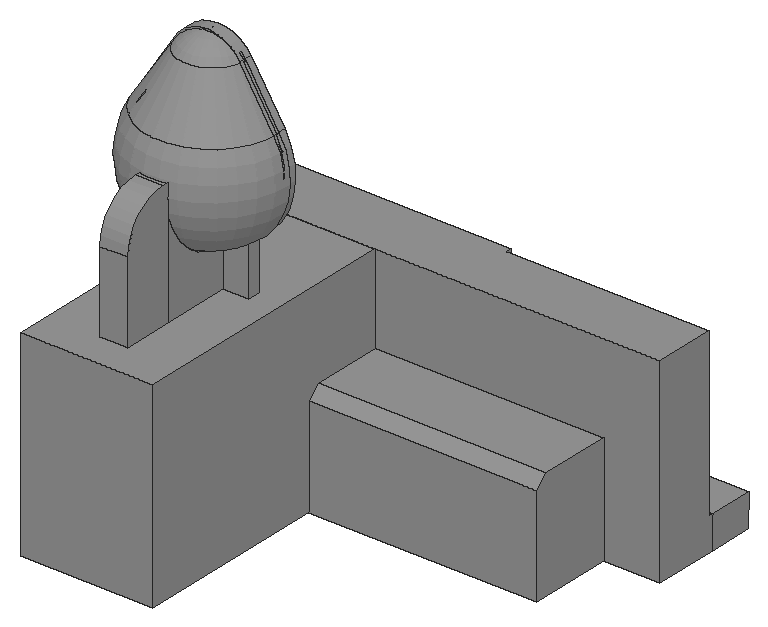
Revit family "Combination-Willoughby-ECW-3696-L-OF", category Plumbing Fixtures, Revit 2015
Parameters (values of type "Standard")
  Waste DIA = 2 3/8"
  Waste Connection = yes
  W-RAD [instance] = Waste DIA / 2  # 0' - 1 3/16"
  Vent Connection = no
  URL = "https://www.willoughby-ind.com/wp-content/uploads/2018/01/3696.pdf"
  Type Comments = ""
  Revision = "A"
  Model = "ECW-3696-L-ON"
  Manufacturer = "Willoughby Industries"
  Lav Waste DIA [instance] = 1 1/2"
  Lav Waste Connection = yes
  L-RAD [instance] = Lav Waste DIA / 2  # 0' - 0 3/4"
  HW Connection = no
  Flush Inlet DIA [instance] = 1 1/2"
  Flush Inlet Connection = yes
  Fixture Body = Stainless Steel AISI 304-Willoughby
  F-RAD [instance] = Flush Inlet DIA / 2  # 0' - 0 3/4"
  Description = "3696 Combination unit, Wall toilet waste outlet, Left hand toilet, Mounted on the floor"
  Default Elevation = 0' - 0"
  Contact Number = "(800) 428-4065"
  CW Connection = no
Reference planes (in)
  plane 1 "Base": y = -16.25
  plane 2: z = 0
  plane 3 "Center": x = 18.31072
  plane 4: z = 10
  plane 5: z = -3
  plane 6 "LAV": y = 17.25
Forms (in)
  Extrusion 1, solid, material "Stainless Steel AISI 304-Willoughby" <- "Fixture Body"
    sketch origin (-16.9375, -19.87268, 0.01307) x (1, 0, 0) y (0, 0, 1)
      loop
        line (40.9375, 0) -> (40.9375, 18) -> (14.93394, 18) -> (14.93394, 0) -> (40.9375, 0)
    from -37.62268 to -31.62268
  Extrusion 2, solid, material "Stainless Steel AISI 304-Willoughby" <- "Fixture Body"
    sketch origin (18.31072, 0, 0) x (0, 1, 0) y (0, 0, 1)
      loop
        line (17.75, 0) -> (21.75, 0) -> (21.75, 3.01307) -> (17.75, 3.01307) -> (17.75, 0)
    from -20.31428 to 17.375
  Extrusion 3, solid, material "Stainless Steel AISI 304-Willoughby" <- "Fixture Body"
    sketch origin (0, -16.25, 0) x (1, 0, 0) y (0, 0, 1)
      loop
        line (24, 18.01307) -> (24, 0.01307) -> (35.68572, 0.01307) -> (35.68572, 18.01307) -> (24, 18.01307)
    from -34 to -28
  Extrusion 4, solid, material "Stainless Steel AISI 304-Willoughby" <- "Fixture Body"
    sketch origin (6.01297, 10.08088, 5.56082) x (1, 0, 0) y (0, 0, 1)
      loop
        line (-5.95225, 12.45225) -> (1.54775, 12.45225) -> (1.54775, 16.95225)
        arc (1.54775, 16.95225) -> (4.60816, 21.24493) -> (3.80565, 26.45542) r 7
        line (3.80565, 26.45542) -> (0.76368, 31.31054)
        arc (0.76368, 31.31054) -> (-2.20225, 32.95225) -> (-5.16818, 31.31054) r 3.5
        line (-5.16818, 31.31054) -> (-8.21015, 26.45542)
        arc (-8.21015, 26.45542) -> (-9.01266, 21.24493) -> (-5.95225, 16.95225) r 7
        line (-5.95225, 16.95225) -> (-5.95225, 12.45225)
      loop
        line (2.03989, 24.70557) -> (-0.36324, 30.23842)
        arc (-0.36324, 30.23842) -> (-2.20225, 31.45225) -> (-4.04125, 30.23842) r 2
        line (-4.04125, 30.23842) -> (-6.44438, 24.70557)
        arc (-6.44438, 24.70557) -> (-2.20225, 18.23804) -> (2.03989, 24.70557) r 4.625
    from 8.33088 to 9.5
  Revolve 5, solid, material "Stainless Steel AISI 304-Willoughby" <- "Fixture Body"
    sketch origin (2.80955, 1.08088, 8.76533) x (1, 0, 0) y (0, 0, 1)
      loop
        arc (1.06174, 12.59906) -> (7.15052, 16.14555) -> (7.06964, 23.19143) r 7
        line (7.06964, 23.19143) -> (4.02767, 28.04656)
        arc (4.02767, 28.04656) -> (2.75672, 29.25045) -> (1.06174, 29.68826) r 3.5
        line (1.06174, 29.68826) -> (1.06174, 29.06326)
        arc (1.06174, 29.06326) -> (2.45405, 28.70363) -> (3.49804, 27.71472) r 2.875
        line (3.49804, 27.71472) -> (6.53647, 22.86523)
        arc (6.53647, 22.86523) -> (6.60531, 16.45114) -> (1.06174, 13.22406) r 6.375
        line (1.06174, 13.22406) -> (1.06174, 12.59906)
      axis (1.06174, 12.59906) -> (1.06174, 29.68826)
    angle from 0 to -180
  Extrusion 6, solid, material "Stainless Steel AISI 304-Willoughby" <- "Fixture Body"
    sketch origin (12.97814, 0.05708, 0) x (-1, 0, 0) y (0, -1, 0)
      loop
        circle (11.72992, -5.69292) r 0.75
    from 0 to 1
  Extrusion 7, solid, material "Stainless Steel AISI 304-Willoughby" <- "Fixture Body"
    sketch origin (21.36966, -16.25, 0) x (-1, 0, 0) y (0, 0, -1)
      loop
        line (23.37322, 0) -> (11.37322, 0) -> (11.37322, -18.01307) -> (23.37322, -18.01307) -> (23.37322, 0)
    from -3 to -28
  Extrusion 8, solid, material "Stainless Steel AISI 304-Willoughby" <- "Fixture Body"
    sketch origin (30.62322, 41.61533, 0) x (0, 1, 0) y (0, 0, -1)
      loop
        line (-29.86533, 0) -> (-37.36533, 0) -> (-37.36533, -9) -> (-36.36225, -10) -> (-29.86533, -10) -> (-29.86533, 0)
    from 0 to 20.62678
  Extrusion 9, void
    sketch origin (21.99644, -16.25, 0) x (-1, 0, 0) y (0, 0, -1)
      loop
        line (-13.68928, -3.01307) -> (-13.68928, -18.01307) -> (4.49822, -18.01307) -> (4.49822, -3.01307) -> (-13.68928, -3.01307)
    from -34 to -33.5
  Revolve 10, solid, material "Stainless Steel AISI 304-Willoughby" <- "Fixture Body"
    sketch origin (-15.20683, -1.75, 48) x (-1, 0, 0) y (0, 0, -1)
      loop
        line (-19.01755, 48) -> (-20.20505, 48) -> (-20.20505, 47) -> (-19.01755, 47) -> (-19.01755, 48)
      axis (-19.01755, 47) -> (-19.01755, 48)
    angle from 0 to 360
  Revolve 11, solid, material "Stainless Steel AISI 304-Willoughby" <- "Fixture Body"
    sketch origin (-14.70683, 9.75, 48) x (-1, 0, 0) y (0, 0, -1)
      loop
        line (-40.33005, 48.00574) -> (-41.08005, 48.00574) -> (-41.08005, 46.98693) -> (-40.33005, 46.98693) -> (-40.33005, 48.00574)
      axis (-40.33005, 46.98693) -> (-40.33005, 48.00574)
    angle from 0 to 360
  Extrusion 12, void
    sketch origin (0, 17.25, 0) x (-1, 0, 0) y (0, 0, 1)
      loop
        line (-33.93572, 16.01307) -> (-33.93572, 6.51307) -> (-19.93572, 6.51307) -> (-19.93572, 16.01307) -> (-33.93572, 16.01307)
    from 0 to -5.375
  Extrusion 13, solid, material "Stainless Steel AISI 304-Willoughby" <- "Fixture Body"
    sketch origin (5.24644, -0.41912, 7.75221) x (0, 1, 0) y (0, 0, 1)
      loop
        line (-5.27082, 10.26086) -> (1, 10.26086) -> (1, 13.76086)
        arc (1, 13.76086) -> (-2.93256, 15.26109) -> (-5.27082, 18.76086) r 6.92744
        line (-5.27082, 18.76086) -> (-5.27082, 10.26086)
    from 0 to -2.5
  Extrusion 14, solid, material "Stainless Steel AISI 304-Willoughby" <- "Fixture Body"
    sketch origin (2.74644, 26.68912, 8.44767) x (0, 1, 0) y (0, 0, 1)
      loop
        line (-32.37906, 9.56539) -> (-32.37906, 20.85188) -> (-32.87906, 20.85188)
        arc (-32.87906, 20.85188) -> (-35.70748, 19.68031) -> (-36.87906, 16.85188) r 4
        line (-36.87906, 16.85188) -> (-36.87906, 9.56539) -> (-32.37906, 9.56539)
    from 0 to 2.5
Cuts and joins
  Extrusion 9, Extrusion 12 cuts Extrusion 1
  Extrusion 9, Extrusion 12 cuts Extrusion 3
  joined: Extrusion 1, Extrusion 3
Lines and regions (in)
  symbolic lines
    curve 1: line (-12.62678, -16.25, 0.01307) -> (35.62322, -16.25, 0.01307)
    curve 2: line (35.62322, -16.25, 0.01307) -> (35.62322, -16.25, 18.01307)
    curve 3: line (35.62322, -16.25, 18.01307) -> (-10.62678, -16.25, 18.01307)
    curve 4: line (-10.62678, -16.25, 18.01307) -> (-12.62678, -16.25, 16.01307)
    curve 5: line (-12.62678, -16.25, 16.01307) -> (-12.62678, -16.25, 0.01307)
    curve 17: line (20.74822, -16.25, 18.01307) -> (20.74822, -16.25, 22.12933)
    curve 18: arc (23.69362, -16.25, 32.01624) -> (24.39435, -16.25, 26.4253) -> (20.74822, -16.25, 22.12933) r 7
    curve 19: line (23.69362, -16.25, 32.01624) -> (20.65165, -16.25, 36.87137)
    curve 20: arc (20.65165, -16.25, 36.87137) -> (17.68572, -16.25, 38.51307) -> (14.71979, -16.25, 36.87137) r 3.5
    curve 21: line (14.71979, -16.25, 36.87137) -> (11.75487, -16.25, 32.14207)
    curve 22: arc (11.75487, -16.25, 32.14207) -> (10.9564, -16.25, 26.49611) -> (14.62322, -16.25, 22.12933) r 7
    curve 23: line (14.62322, -16.25, 22.12933) -> (14.62322, -16.25, 18.01307)
    curve 28: line (18.31072, -16.25, 0) -> (18.31072, 21.75, 0)
    curve 29: line (18.31072, 21.75, 0) -> (18.31072, 21.75, 3.01307)
    curve 30: line (18.31072, 21.75, 3.01307) -> (18.31072, 17.75, 3.01307)
    curve 31: line (18.31072, 17.75, 3.01307) -> (18.31072, 17.75, 18.01307)
    curve 32: line (18.31072, 17.75, 18.01307) -> (18.31072, -16.25, 18.01307)
    curve 33: line (18.31072, -16.25, 18.01307) -> (18.31072, -16.25, 0)
    curve 34: line (18.31072, 0.58088, 22.12933) -> (18.31072, 0.58088, 18.01307)
    curve 35: line (18.31072, 1.75, 18.01307) -> (18.31072, 1.75, 38.51307)
    curve 36: line (18.31072, 1.75, 38.51307) -> (18.31072, 0.58088, 38.51307)
    curve 37: arc (18.31072, 0.58088, 38.51307) -> (18.31072, -0.25191, 38.2245) -> (18.31072, -0.99201, 37.74592) r 3.67442
    curve 38: arc (18.31072, -0.99201, 37.74592) -> (18.31072, -1.55474, 37.25715) -> (18.31072, -1.98201, 36.64642) r 3.04785
    curve 39: line (18.31072, -1.25145, 36.64642) -> (18.31072, -16.25, 36.64642)
    curve 40: line (18.31072, -16.25, 36.64642) -> (18.31072, -16.25, 18.01307)
    curve 41: arc (18.31072, 0.58088, 21.51313) -> (18.31072, -4.81814, 25.34385) -> (18.31072, -4.51286, 31.95676) r 6.90507
    curve 42: arc (18.31072, -4.51286, 31.95676) -> (18.31072, -3.67273, 33.2938) -> (18.31072, -2.793, 34.60511) r 52.80027
    curve 43: arc (18.31072, -2.793, 34.60511) -> (18.31072, -2.063, 35.65656) -> (18.31072, -1.25145, 36.64642) r 16.03181
    curve 53: line (11.37322, 11.75, 0) -> (-12.62678, 11.75, 0)
    curve 54: line (-13.68928, 11.5, 0) -> (-13.68928, 21.75, 0)
    curve 55: line (-12.62678, 21.75, 0) -> (35.68572, 21.75, 0)
    curve 56: line (35.68572, 21.75, 0) -> (35.68572, 11.75, 0)
    curve 57: line (35.68572, 11.75, 0) -> (23.37322, 11.75, 0)
    curve 59: line (10.68572, 0.58088, 0) -> (10.68572, 1.75, 0)
  symbolic lines, detail levels medium+fine
    curve 6: line (-12.62678, -16.25, 3.01307) -> (35.62322, -16.25, 3.01307)
    curve 7: line (5.87322, -16.25, 18.01307) -> (5.87322, -16.25, 3.01307)
    curve 49: line (18.31072, 11.75, 18.01307) -> (18.31072, 11.75, 0)
    curve 50: line (18.31072, 11.75, 10) -> (18.31072, 5.25308, 10)
    curve 51: line (18.31072, 5.25308, 10) -> (18.31072, 4.25, 8.99692)
    curve 52: line (18.31072, 4.25, 8.99692) -> (18.31072, 4.25, 0)
    curve 58: line (5.87322, 17.75, 0) -> (35.68572, 17.75, 0)
  symbolic lines, detail levels fine
    curve 8: spline (2.8698, -16.25, 10.15407) -> (2.64843, -16.25, 11.31876) -> (1.99942, -16.25, 12.40407) -> (0.96699, -16.25, 13.33605) -> (-0.37849, -16.25, 14.05119) -> (-1.94534, -16.25, 14.50074) -> (-3.62678, -16.25, 14.65407) -> (-5.30822, -16.25, 14.50074) -> (-6.87507, -16.25, 14.05119) -> (-8.22056, -16.25, 13.33605) -> (-9.25298, -16.25, 12.40407) -> (-9.90199, -16.25, 11.31876) -> (-10.12336, -16.25, 10.15407)
    curve 9: spline (-10.12336, -16.25, 10.15407) -> (-9.90199, -16.25, 8.98939) -> (-9.25298, -16.25, 7.90407) -> (-8.22056, -16.25, 6.97209) -> (-6.87507, -16.25, 6.25696) -> (-5.30822, -16.25, 5.80741) -> (-3.62678, -16.25, 5.65407) -> (-1.94534, -16.25, 5.80741) -> (-0.37849, -16.25, 6.25696) -> (0.96699, -16.25, 6.97209) -> (1.99942, -16.25, 7.90407) -> (2.64843, -16.25, 8.98939) -> (2.8698, -16.25, 10.15407)
    curve 10: line (35.4435, -16.25, 18.01307) -> (35.4435, -16.25, 20.26307)
    curve 11: line (35.4435, -16.25, 20.26307) -> (-3.62678, -16.25, 20.26307)
    curve 12: arc (-3.62678, -16.25, 20.26307) -> (-4.7579, -16.25, 19.72565) -> (-5.25551, -16.25, 18.57647) r 1.78074
    curve 13: line (-5.25551, -16.25, 18.57647) -> (-5.25551, -16.25, 18.01307)
    curve 14: line (-3.7481, -16.25, 18.5171) -> (-3.7481, -16.25, 18.01307)
    curve 15: arc (-3.7481, -16.25, 18.5171) -> (-3.67566, -16.25, 18.69197) -> (-3.5008, -16.25, 18.7644) r 0.2473
    curve 16: line (-3.5008, -16.25, 18.7644) -> (35.4435, -16.25, 18.7644)
    curve 24: line (19.52472, -16.25, 35.79924) -> (21.92786, -16.25, 30.26639)
    curve 25: arc (21.92786, -16.25, 30.26639) -> (17.68572, -16.25, 23.79886) -> (13.44358, -16.25, 30.26639) r 4.625
    curve 26: line (13.44358, -16.25, 30.26639) -> (15.84672, -16.25, 35.79924)
    curve 27: arc (15.84672, -16.25, 35.79924) -> (17.68572, -16.25, 37.00547) -> (19.52472, -16.25, 35.79924) r 2.00498
    curve 44: line (18.31072, 17.75, 3.01307) -> (18.31072, 17.25, 3.01307)
    curve 45: line (18.31072, 17.25, 3.01307) -> (18.31072, 17.25, 18.01307)
    curve 46: line (18.31072, 17, 19.71695) -> (18.31072, 17, 18.01307)
    curve 47: line (18.31072, 15.5, 19.71695) -> (18.31072, 15.5, 18.01307)
    curve 48: arc (18.31072, 17, 19.71695) -> (18.31072, 16.25, 20.26503) -> (18.31072, 15.5, 19.71695) r 0.78719
  reference lines
    curve 60: line (35.68572, -16.25, 3.01307) -> (-13.68928, -16.25, 3.01307)
    curve 61: line (35.68572, -16.25, 3.01307) -> (18.18572, -16.25, 3.01307)
    curve 62: line (35.68572, 21.75, 0) -> (-13.68928, 21.75, 0)
Dimensions and locks (in)
  locked: Extrusion 8 to Extrusion 8 at 7.5
  "F-RAD": radius of Extrusion 6 sketch curve
  aligned and locked: Extrusion 2 to level
  aligned and locked: cut or joined group of Extrusion 1, Extrusion 3, Extrusion 9, Extrusion 12 to cut or joined group of Extrusion 1, Extrusion 3, Extrusion 9, Extrusion 12  (x2)
  aligned and locked: Extrusion 7 to Extrusion 1
  aligned and locked: Extrusion 2 to cut or joined group of Extrusion 1, Extrusion 3, Extrusion 9, Extrusion 12
Automatic sketch dimensions
  level to curve 60 = 0' - 3.01307"
  curve 61 to plane 3 "Center" = 0' - 0 1/8"
  curve 61 to curve 60 = 0' - 0"
  curve 60 to curve 61 = 0' - 0"
  curve 62 to plane 1 "Base" = 3' - 2"
  plane 3 "Center" to curve 61 = 1' - 5 3/8"
  plane 3 "Center" to curve 62 = 1' - 5 3/8"
  curve 60 to curve 61 = 2' - 7 7/8"
  curve 62 to plane 3 "Center" = 2' - 8"
  plane 6 "LAV" to curve 56 = 0' - 4 1/2"
  plane 3 "Center" to curve 56 = 1' - 5 3/8"
  curve 56 to plane 6 "LAV" = 0' - 5 1/2"
  plane 3 "Center" to curve 57 = 0' - 5 1/16"
  curve 53 to plane 3 "Center" = 0' - 6 15/16"
  curve 59 to plane 3 "Center" = 0' - 7 5/8"
  plane 6 "LAV" to curve 58 = 0' - 0 1/2"
  curve 58 to curve 53 = 0' - 5 1/2"
  curve 55 to curve 58 = 1' - 6 1/2"
  curve 53 to curve 55 = 0' - 0"
  curve 54 to curve 55 = 0' - 1 1/16"
  curve 53 to plane 6 "LAV" = 0' - 5 1/2"
  curve 54 to curve 53 = 0' - 0 1/4"
  curve 59 to curve 53 = 0' - 10"
  curve 59 to curve 59 = 0' - 1.16912"
  curve 54 to curve 55 = 0' - 0"
  curve 28 to level = 0' - 0"
  curve 28 to plane 1 "Base" = 0' - 0"
  plane 4 to curve 51 = 0' - 0"
  curve 45 to plane 6 "LAV" = 0' - 0"
  curve 39 to plane 1 "Base" = 1' - 2.99855"
  curve 43 to curve 36 = 0' - 1.83233"
  curve 39 to curve 38 = 0' - 1.9617"
  curve 38 to curve 37 = 0' - 0.6486"
  curve 37 to curve 41 = 0' - 0.02923"
  curve 37 to curve 35 = 0' - 1.16912"
  plane 4 to curve 52 = 0' - 1.00308"
  curve 35 to curve 52 = 0' - 2 1/2"
  curve 51 to curve 51 = 0' - 1.00308"
  curve 43 to plane 6 "LAV" = 0' - 6.51941"
  curve 47 to plane 6 "LAV" = 0' - 1 3/4"
  curve 48 to curve 48 = 0' - 0 3/4"
  curve 46 to plane 6 "LAV" = 0' - 0 1/4"
  curve 44 to curve 31 = 0' - 0 1/2"
  curve 30 to curve 30 = 0' - 4"
  level to curve 42 = 0' - 4.53671"
  curve 29 to curve 42 = 1' - 6.85931"
  level to curve 29 = 0' - 3.01307"
  curve 31 to plane 4 = 0' - 8.01307"
  curve 46 to curve 48 = 0' - 1.46477"
  curve 48 to curve 46 = 0' - 0.23911"
  curve 47 to curve 43 = 0' - 6.27819"
  curve 43 to curve 41 = 0' - 2.37571"
  curve 41 to curve 37 = 0' - 6.5511"
  curve 37 to curve 38 = 0' - 0.29579"
  curve 38 to curve 39 = 0' - 1.42868"
  curve 38 to curve 36 = 0' - 3.29533"
  curve 42 to curve 39 = 0' - 3.26141"
  curve 41 to curve 42 = 0' - 0"
  curve 38 to curve 39 = 0' - 0.73056"
  curve 41 to curve 35 = 0' - 1.16912"
  curve 50 to plane 6 "LAV" = 0' - 5 1/2"
  curve 41 to curve 34 = 0' - 0.61621"
  curve 18 to curve 22 = 0' - 0"  (x2)
  curve 18 to curve 25 = 0' - 0"  (x2)
  curve 22 to curve 25 = 0' - 0"  (x2)
  level to curve 1 = 0' - 0.01307"
  curve 1 to plane 3 "Center" = 2' - 6 15/16"
  curve 4 to plane 4 = 0' - 8.01307"
  curve 4 to curve 4 = 0' - 2"
  curve 3 to curve 13 = 0' - 5.37127"
  curve 12 to curve 14 = 0' - 1.50741"
  curve 15 to curve 11 = 0' - 0.12132"
  curve 15 to curve 16 = 0' - 0.2473"
  curve 15 to curve 12 = 0' - 0.02385"
  curve 21 to plane 3 "Center" = 0' - 6.55585"
  curve 21 to curve 26 = 0' - 1.68871"
  curve 23 to plane 3 "Center" = 0' - 3 11/16"
  curve 21 to plane 3 "Center" = 0' - 3.59093"
  curve 21 to curve 26 = 0' - 1.12693"
  curve 18 to plane 3 "Center" = 0' - 0 5/8"
  curve 27 to plane 3 "Center" = 0' - 0 5/8"
  curve 20 to curve 27 = 0' - 0"
  plane 3 "Center" to curve 24 = 0' - 1.214"
  curve 27 to curve 19 = 0' - 1.12693"
  plane 3 "Center" to curve 17 = 0' - 2 7/16"
  plane 3 "Center" to curve 24 = 0' - 3.61714"
  curve 24 to curve 19 = 0' - 1.76576"
  curve 18 to curve 11 = 1' - 2.69528"
  curve 10 to curve 2 = 0' - 0.17972"
  curve 5 to curve 3 = 0' - 2"
  curve 14 to curve 12 = 0' - 0.47558"
  curve 12 to curve 14 = 0' - 0.02845"
  curve 13 to curve 13 = 0' - 0.5634"
  curve 23 to curve 23 = 0' - 4.11627"
  curve 17 to curve 17 = 0' - 4.11627"
  curve 23 to curve 25 = 0' - 6.29453"
  curve 24 to curve 19 = 0' - 1.74985"
  curve 25 to curve 27 = 0' - 4.7341"
  curve 27 to curve 20 = 0' - 0.01258"
  curve 20 to curve 26 = 0' - 0.78617"
  curve 27 to curve 19 = 0' - 1.07212"
  curve 9 to plane 4 = 0' - 0.15407"
  curve 4 to curve 9 = 0' - 2.50342"
  curve 9 to curve 9 = 0' - 6.49658"
  level to curve 7 = 0' - 3.01307"
  curve 8 to curve 7 = 0' - 3.00342"
  level to Extrusion 1 sketch curve = 0' - 0.01307"
  Extrusion 1 sketch curve to plane 3 "Center" = 1' - 8.31428"
  plane 3 "Center" to Extrusion 1 sketch curve = 0' - 5.68928"
  Extrusion 1 sketch curve to plane 4 = 0' - 8.01307"
  Extrusion 2 sketch curve to level = 0' - 0"
  plane 6 "LAV" to Extrusion 2 sketch curve = 0' - 0 1/2"
  Extrusion 2 sketch curve to Extrusion 2 sketch curve = 0' - 4"
  level to Extrusion 2 sketch curve = 0' - 3.01307"
  level to Extrusion 3 sketch curve = 0' - 0.01307"
  plane 3 "Center" to Extrusion 3 sketch curve = 0' - 5.68928"
  Extrusion 3 sketch curve to Extrusion 3 sketch curve = 0' - 11.68572"
  Extrusion 3 sketch curve to plane 4 = 0' - 8.01307"
  Extrusion 4 sketch curve to Extrusion 4 sketch curve = 0' - 0"  (x8)
  Extrusion 4 sketch curve to plane 3 "Center" = 1' - 8.5079"
  Extrusion 4 sketch curve to Extrusion 4 sketch curve = 0' - 1.76576"  (x2)
  Extrusion 4 sketch curve to Extrusion 4 sketch curve = 0' - 0.49214"
  Extrusion 4 sketch curve to Extrusion 4 sketch curve = 0' - 3.04197"
  Extrusion 4 sketch curve to Extrusion 4 sketch curve = 0' - 1.12693"  (x2)
  Extrusion 4 sketch curve to Extrusion 4 sketch curve = 0' - 4.24214"  (x2)
  Extrusion 4 sketch curve to Extrusion 4 sketch curve = 0' - 1.839"  (x2)
  Extrusion 4 sketch curve to Extrusion 4 sketch curve = 0' - 7 1/2"
  Extrusion 4 sketch curve to plane 4 = 0' - 8.01307"
  Extrusion 4 sketch curve to Extrusion 4 sketch curve = 0' - 4 1/2"  (x2)
  Extrusion 4 sketch curve to Extrusion 4 sketch curve = 0' - 5.9108"
  Extrusion 4 sketch curve to Extrusion 4 sketch curve = 0' - 1.74985"
  Extrusion 4 sketch curve to Extrusion 4 sketch curve = 0' - 4.74668"
  Extrusion 4 sketch curve to Extrusion 4 sketch curve = 0' - 0.78617"
  Extrusion 4 sketch curve to Extrusion 4 sketch curve = 0' - 1.07212"
  Revolve 5 sketch curve to Revolve 5 sketch curve = 0' - 0"  (x6)
  Revolve 5 sketch curve to plane 3 "Center" = 1' - 2.43943"
  Revolve 5 sketch curve to Revolve 5 sketch curve = 0' - 2.4363"
  Revolve 5 sketch curve to Revolve 5 sketch curve = 0' - 0.52963"
  Revolve 5 sketch curve to Revolve 5 sketch curve = 0' - 3.03844"
  Revolve 5 sketch curve to Revolve 5 sketch curve = 0' - 0.53316"
  Revolve 5 sketch curve to plane 4 = 0' - 11.36439"
  Revolve 5 sketch curve to Revolve 5 sketch curve = 0' - 0 5/8"
  Revolve 5 sketch curve to Revolve 5 sketch curve = 0' - 6 3/8"
  Revolve 5 sketch curve to Revolve 5 sketch curve = 0' - 3.32303"
  Revolve 5 sketch curve to Revolve 5 sketch curve = 0' - 1.52646"
  Revolve 5 sketch curve to Revolve 5 sketch curve = 0' - 0.33184"
  Revolve 5 sketch curve to Revolve 5 sketch curve = 0' - 2.4108"
  Revolve 5 sketch curve to Revolve 5 sketch curve = 0' - 3 1/4"
  plane 3 "Center" to Extrusion 6 sketch curve = 1' - 5 1/16"
  plane 6 "LAV" to Extrusion 6 sketch curve = 0' - 11 1/2"
  Extrusion 7 sketch curve to level = 0' - 0"
  Extrusion 7 sketch curve to plane 3 "Center" = 0' - 8.31428"
  Extrusion 7 sketch curve to Extrusion 7 sketch curve = 1' - 0"
  Extrusion 7 sketch curve to plane 4 = 0' - 8.01307"
  Extrusion 8 sketch curve to level = 0' - 0"
  plane 4 to Extrusion 8 sketch curve = 0' - 0"
  plane 4 to Extrusion 8 sketch curve = 0' - 1"
  Extrusion 8 sketch curve to plane 6 "LAV" = 1' - 1"
  Extrusion 8 sketch curve to Extrusion 8 sketch curve = 0' - 1.00308"
  Extrusion 8 sketch curve to plane 6 "LAV" = 0' - 5 1/2"
  plane 4 to Extrusion 9 sketch curve = 0' - 8.01307"
  Extrusion 9 sketch curve to plane 3 "Center" = 1' - 5 3/8"
  plane 3 "Center" to Extrusion 9 sketch curve = 0' - 0 13/16"
  Extrusion 9 sketch curve to level = 0' - 3.01307"
  Revolve 10 sketch curve to level = 0' - 0"
  Revolve 10 sketch curve to plane 3 "Center" = 1' - 1 5/16"
  Revolve 10 sketch curve to Revolve 10 sketch curve = 0' - 1 3/16"
  Revolve 10 sketch curve to Revolve 10 sketch curve = 0' - 1"
  Revolve 10 sketch curve to Revolve 10 sketch curve = 0' - 0"
  Revolve 10 sketch curve to Revolve 10 sketch curve = 0' - 0.26078"
  plane 5 to Revolve 10 sketch curve = 0' - 0.73922"
  Revolve 11 sketch curve to level = 0' - 0.00574"
  plane 3 "Center" to Revolve 11 sketch curve = 0' - 8 1/16"
  Revolve 11 sketch curve to Revolve 11 sketch curve = 0' - 0 3/4"
  level to Revolve 11 sketch curve = 0' - 1.01307"
  Revolve 11 sketch curve to Revolve 11 sketch curve = 0' - 0"  (x2)
  plane 5 to Revolve 11 sketch curve = 0' - 1.01307"
  plane 4 to Extrusion 12 sketch curve = 0' - 3.48693"
  plane 3 "Center" to Extrusion 12 sketch curve = 1' - 3 5/8"
  plane 3 "Center" to Extrusion 12 sketch curve = 0' - 1 5/8"
  Extrusion 12 sketch curve to plane 4 = 0' - 6.01307"
  Extrusion 13 sketch curve to plane 1 "Base" = 0' - 10.56006"
  Extrusion 13 sketch curve to Extrusion 13 sketch curve = 0' - 6.27082"
  Extrusion 13 sketch curve to Extrusion 13 sketch curve = 0' - 6.65701"
  plane 5 to Extrusion 13 sketch curve = 1' - 9.01307"
  Extrusion 13 sketch curve to Extrusion 13 sketch curve = 0' - 3 1/2"
  Extrusion 13 sketch curve to Extrusion 13 sketch curve = 0' - 5"
  Extrusion 14 sketch curve to plane 1 "Base" = 0' - 6.06006"
  Extrusion 14 sketch curve to Extrusion 14 sketch curve = 0' - 4"
  Extrusion 14 sketch curve to Extrusion 14 sketch curve = 0' - 4 1/2"
  plane 5 to Extrusion 14 sketch curve = 1' - 9.01307"
  Extrusion 14 sketch curve to Extrusion 14 sketch curve = 0' - 7.28649"
Connectors (in)
  piping at (3.81072, -1.75, 1), diameter 2.375, driven by "W-RAD"
    settings: on Revolve 10, index 1, connector inside diameter 24", connector length 0' - 0", flow factor 0, pipe flow 0 GPM, pressure drop 0.00 psi, fitting loss kfactor 0, connector angle 0.00°, fixture units 0, engagement length 0' - 0", angle of deflection 0.00°, flow configuration 0, flow direction 0, fitting loss method 0, system type 8, joint type 0, gender type 0, connector reference index -1, connector utility 0, adjustable connector no, is connector primary yes, connector description ""
  piping at (1.24822, 5.75, 1), diameter 1.5, driven by "F-RAD"
    settings: on Extrusion 6, index 2, connector inside diameter 24", connector length 0' - 0", flow factor 0, pipe flow 0 GPM, pressure drop 0.00 psi, fitting loss kfactor 0, connector angle 0.00°, fixture units 0, engagement length 0' - 0", angle of deflection 0.00°, flow configuration 0, flow direction 0, fitting loss method 0, system type 7, joint type 0, gender type 0, connector reference index -1, connector utility 0, adjustable connector no, is connector primary no, connector description ""
  piping at (25.62322, 9.75, 1.01307), diameter 1.5, driven by "L-RAD"
    settings: on Revolve 11, index 3, connector inside diameter 24", connector length 0' - 0", flow factor 0, pipe flow 0 GPM, pressure drop 0.00 psi, fitting loss kfactor 0, connector angle 0.00°, fixture units 0, engagement length 0' - 0", angle of deflection 0.00°, flow configuration 0, flow direction 0, fitting loss method 0, system type 8, joint type 0, gender type 0, connector reference index -1, connector utility 0, adjustable connector no, is connector primary no, connector description ""
